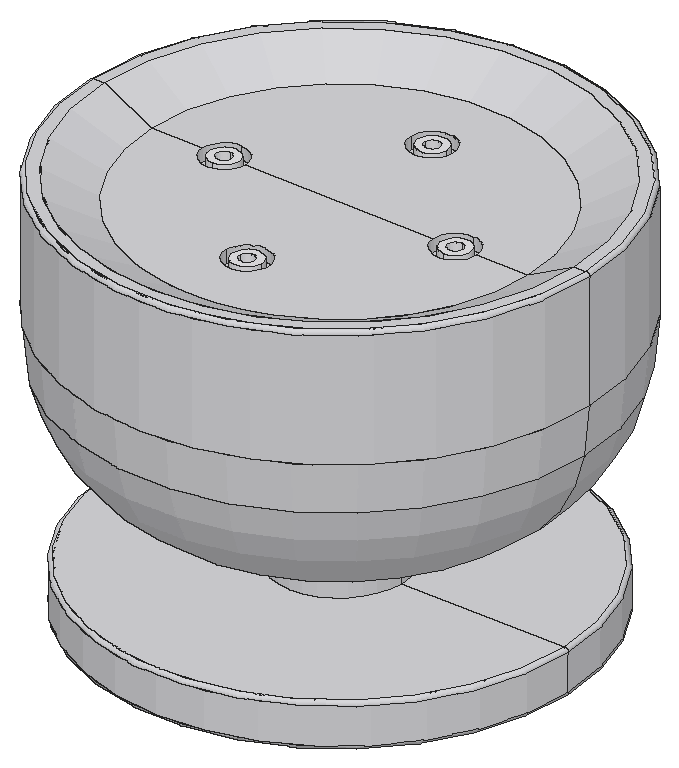
Revit family "Shower-Body_Spray-KOHLER-K-26299IN-1", category Plumbing Fixtures, host Face, Revit 2017
Family settings
  Host = Face
  Round Connector Dimension = Use Diameter
  Part Type = Normal
  OmniClass Number = 23.31.17.00
  Cut with Voids When Loaded = No
  Shared = No
  Room Calculation Point = No
Parameters (values of type "CP- Polished Chrome")
  Width = 2 97/128"  # constant formula
  WaterSense Certified = 1 = 0  # no
  Waste Water Outlet = "Waste Water Outlet"  # constant formula
  Waste Connection = 1 = 0  # no
  Vent Connection = 1 = 0  # no
  URL = "https://www.kohler.co.in/"
  Type = 1
  Tempered Water Inlet = "Tempered Water Inlet"  # constant formula
  Product Page URL = ""
  Product Name = ""
  Product Documentation Link = ""
  Pressure = 80.00 psi  # constant formula
  Model = if(Type = 1, "K-26299IN-CP", if(Type = 2, "K-26299IN-BN", if(Type = 3, "K-26299IN-BL", if(Type = 4, "K-26299IN-AF", if(Type = 5, "K-26299IN-RGD", if(Type = 6, "K-26299IN-BV", "NA"))))))  # "K-26299IN-CP"
  Material = "Plastic"  # constant formula
  Master Format 2014 Name = "Residential Showers"  # constant formula
  Master Format 2014 = "22 42 23"  # constant formula
  Manufacturer Address = "Ambience Office Tower NH-8 Gurgaon / Gurugram Haryana , 122001"  # constant formula
  Manufacturer = "KOHLER Co."  # constant formula
  Length = 2 17/128"  # constant formula
  Hot Water Inlet = "Hot Water Inlet"  # constant formula
  Height = 2 97/128"  # constant formula
  HW Connection = 1 = 1  # yes
  Flow Rate = 2.5 GPM  # constant formula
  Finish = KOHLER-Plastic-CP-Polished_Chrome
  Environmental Product Declaration = ""
  Drain Included = 1 = 0  # no
  Description = "Round Rotator Body Spray"  # constant formula
  Default Elevation = 42"
  Declare Label = ""
  Date Modified = "02/03/2021"  # constant formula
  Date Created = "02/03/2021"  # constant formula
  Copyright = "Copyright KOHLER Co."  # constant formula
  Contact Us = "https://www.kohler.co.in/contact-us"
  Cold Water Inlet = "Cold Water Inlet"  # constant formula
  CW Connection = 1 = 0  # no
  Assembly Code = "D2010700"
  ADA Compliant = 1 = 0  # no
Types (7): name | Type | Model | Finish
  (no name) | 1 | "K-26299IN-CP" | KOHLER-Plastic-CP-Polished_Chrome
  CP- Polished Chrome | 1 | "K-26299IN-CP" | KOHLER-Plastic-CP-Polished_Chrome
  BN- Vibrant Brushed Nickel | 2 | "K-26299IN-BN" | KOHLER-Plastic-BN-Vibrant_Brushed_Nickel
  BL- Matte Black | 3 | "K-26299IN-BL" | KOHLER-Plastic-BL-Matte_Black
  AF- Vibrant French Gold | 4 | "K-26299IN-AF" | KOHLER-Plastic-AF-Vibrant_French_Gold
  RGD- Rose Gold | 5 | "K-26299IN-RGD" | Kohler-Plastic-RGD-Rose_Gold
  BV- Vibrant Brushed Bronze | 6 | "K-26299IN-BV" | Kohler-Plastic-BV-Vibrant-Brushed-Bronze
Reference planes (in)
  plane 1 "Center (Front/Back)": y = 0
  plane 2: z = 0
  plane 3 "Center (Left/Right)": x = 0
  plane 4: x = 1.37795
  plane 5: y = 1.37795
  plane 6: y = -1.37986
  plane 7: x = -1.37986
  plane 8: z = -0.00105
  plane 9: z = 0.23622
  plane 10: x = 0.70866
  plane 11: x = -0.70866
  plane 12: x = -1.25984
  plane 13: x = 1.25984
  plane 14: z = 2.13281
Dimensions and locks (in)
  "Width": plane 7 to plane 4
  "Height": plane 6 to plane 5
  "Length": plane 14 to level
  plane 5 to plane 6 = 2 97/128"
  plane 9 to plane 14 = 1.89659"
  plane 4 to plane 7 = 2 97/128"
  aligned and locked: plane 2 to host face
  aligned and locked: level to host face
  aligned and locked: plane 3 "Center (Left/Right)" to nested 1
  aligned and locked: plane 1 "Center (Front/Back)" to nested 1
  aligned and locked: level to nested 1
Automatic sketch dimensions
  host sketch curve to host sketch curve = 96"  (x2)
Nested families (in)
  nested 1: "K-26299IN" at (0, 0, -2.21654), type "K-26299IN"
Connectors (in)
  piping at (0, 0, 0), diameter 0.5, driven by "Flow Rate", driven by "Pressure", driven by "HW Connection", driven by "Tempered Water Inlet"
    settings: on nested 1, index 1, connector inside diameter 24", connector length 0", flow factor 0, pipe flow 2.5 GPM, pressure drop 80.00 psi, fitting loss kfactor 0, connector angle 0.00°, fixture units 0, engagement length 0", angle of deflection 0.00°, flow configuration 1, flow direction 1, fitting loss method 4, system type 19, joint type 0, gender type 0, connector reference index -1, connector utility 1, adjustable connector no, is connector primary yes, connector description "Tempered Water Inlet"
Definition of nested family "K-26299IN"
  Parameters (values of type "K-26299IN")
    Material = none
  Reference planes (in)
    plane 1 "Center (Front/Back)": y = 0
    plane 2: z = 0
    plane 3 "Center (Left/Right)": x = 0
    plane 4: x = 1.37795
    plane 5: y = 1.37795
    plane 6: x = -1.37795
    plane 7: y = -1.37795
    plane 8: z = 4.35039
    plane 9: z = 2.45276
    plane 10: z = 2.21654
    plane 11: x = 1.25984
    plane 12: x = -1.25984
    plane 13: x = 0.70866
    plane 14: x = -0.70866
  Forms (in)
    Revolve 1, solid, material <- "Material", detail levels medium+fine
      sketch origin (0, 0, 0) x (1, 0, 0) y (0, 0, 1)
        loop
          line (0, 4.35039) -> (-1.35675, 4.35039)
          arc (-1.35675, 4.35039) -> (-1.37174, 4.34418) -> (-1.37795, 4.32919) r 0.0212
          line (-1.37795, 4.32919) -> (-1.37795, 3.69162)
          arc (-1.37795, 3.69162) -> (-1.37117, 3.56508) -> (-1.35297, 3.43967) r 1.39943
          arc (-1.35297, 3.43967) -> (-1.16704, 3.05311) -> (-0.81416, 2.80926) r 0.83772
          arc (-0.81416, 2.80926) -> (-0.67856, 2.77329) -> (-0.5388, 2.76117) r 0.81244
          arc (-0.5388, 2.76117) -> (-0.40049, 2.70388) -> (-0.34319, 2.56557) r 0.1956
          line (-0.34319, 2.56557) -> (-0.34319, 2.45276) -> (0, 2.45276) -> (0, 4.35039)
        axis (0, 2.45276) -> (0, 4.35039)
      angle from 0 to 360
    Revolve 2, void
      sketch origin (0, 0, 0) x (1, 0, 0) y (0, 0, 1)
        loop
          line (0, 4.21941) -> (0, 4.39983) -> (-1.39173, 4.39983) -> (-1.03764, 4.21941) -> (0, 4.21941)
        axis (0, 4.39983) -> (0, 4.21941)
      angle from 0 to 360
    Extrusion 3, void
      sketch origin (0, 0, 0) x (1, 0, 0) y (0, 1, 0)
        loop
          circle (0, -0.6381) r 0.11811
      from 4.15185 to 4.49858
    Extrusion 4, void
      sketch origin (0, 0, 0) x (1, 0, 0) y (0, 1, 0)
        loop
          circle (0, 0.6381) r 0.11811
      from 4.15185 to 4.49858
    Extrusion 5, void
      sketch origin (0, 0, 0) x (0, 1, 0) y (-1, 0, 0)
        loop
          circle (0, 0.6381) r 0.11811
      from 4.15185 to 4.49858
    Extrusion 6, void
      sketch origin (0, 0, 0) x (0, 1, 0) y (-1, 0, 0)
        loop
          circle (0, -0.6381) r 0.11811
      from 4.15185 to 4.49858
    Revolve 7, solid, material <- "Material", detail levels medium+fine
      sketch origin (0, 0, 0) x (1, 0, 0) y (0, 0, 1)
        loop
          line (0, 2.21654) -> (0, 2.45276) -> (-1.23861, 2.45276)
          arc (-1.23861, 2.45276) -> (-1.25362, 2.44654) -> (-1.25984, 2.43152) r 0.02123
          line (-1.25984, 2.43152) -> (-1.25984, 2.23622)
          arc (-1.25984, 2.23622) -> (-1.25408, 2.2223) -> (-1.24016, 2.21654) r 0.01969
          line (-1.24016, 2.21654) -> (0, 2.21654)
        axis (0, 2.21654) -> (0, 2.45276)
      angle from 0 to 360
    Revolve 8, solid, material <- "Material", detail levels coarse
      sketch origin (0, 0, 0) x (1, 0, 0) y (0, 0, 1)
        loop
          line (-1.30906, 2.21654) -> (0, 2.21654) -> (0, 2.45276) -> (-1.30906, 2.45276) -> (-1.30906, 2.21654)
        axis (0, 2.21654) -> (0, 2.45276)
      angle from 0 to 360
    Extrusion 9, solid, material <- "Material", detail levels medium+fine
      sketch origin (0, 0, 0) x (1, 0, 0) y (0, 1, 0)
        loop
          circle (0, 0) r 0.25
      from 2.21654 to 2.30336
    Extrusion 10, solid, detail levels medium+fine
      sketch origin (0, 0, 0) x (1, 0, 0) y (0, 1, 0)
        loop
          circle (0, 0.6381) r 0.07874
        loop
          circle (0, 0.6381) r 0.04061
      from 4.15185 to 4.21941
    Extrusion 11, solid, detail levels medium+fine
      sketch origin (0, 0, 0) x (0, -1, 0) y (1, 0, 0)
        loop
          circle (0, 0.6381) r 0.07874
        loop
          circle (0, 0.6381) r 0.04061
      from 4.15185 to 4.21941
    Extrusion 12, solid, detail levels medium+fine
      sketch origin (0, 0, 0) x (0, -1, 0) y (1, 0, 0)
        loop
          circle (0, -0.6381) r 0.07874
        loop
          circle (0, -0.6381) r 0.04061
      from 4.15185 to 4.21941
    Extrusion 13, solid, detail levels medium+fine
      sketch origin (0, 0, 0) x (1, 0, 0) y (0, 1, 0)
        loop
          circle (0, -0.6381) r 0.07874
        loop
          circle (0, -0.6381) r 0.04061
      from 4.15185 to 4.21941
    Revolve 14, solid, material <- "Material", detail levels coarse
      sketch origin (0, 0, 0) x (1, 0, 0) y (0, 0, 1)
        loop
          line (-0.59055, 2.45276) -> (0, 2.45276) -> (0, 4.35752) -> (-1.47842, 4.35752) -> (-1.47842, 3.57012)
          arc (-1.47842, 3.57012) -> (-1.22261, 2.915) -> (-0.59055, 2.60659) r 0.96676
          line (-0.59055, 2.60659) -> (-0.59055, 2.45276)
        axis (0, 2.45276) -> (0, 4.35752)
      angle from 0 to 360
  Cuts and joins
    Revolve 2, Extrusion 3, Extrusion 4, Extrusion 5, Extrusion 6 cuts Revolve 1
    joined: Revolve 1, Revolve 7
    joined: Revolve 8, Revolve 14
    joined: Extrusion 10, Extrusion 11, Extrusion 12, Extrusion 13
  Lines and regions (in)
    Masking region 1
      outline origin (0, 0, 0) x (1, 0, 0) y (0, 1, 0)
        loop
          circle (0, 0) r 1.37795
    Masking region 2
      outline origin (0, 0, 0) x (1, 0, 0) y (0, 0, 1)
        loop
          arc (-1.23906, 2.45276) -> (-1.25376, 2.44667) -> (-1.25984, 2.43197) r 0.02078
          line (-1.25984, 2.43197) -> (-1.25984, 2.23719)
          arc (-1.25984, 2.23719) -> (-1.25379, 2.22258) -> (-1.23919, 2.21654) r 0.02065
          line (-1.23919, 2.21654) -> (1.23919, 2.21654)
          arc (1.23919, 2.21654) -> (1.25379, 2.22258) -> (1.25984, 2.23719) r 0.02065
          line (1.25984, 2.23719) -> (1.25984, 2.43197)
          arc (1.25984, 2.43197) -> (1.25376, 2.44667) -> (1.23906, 2.45276) r 0.02078
          line (1.23906, 2.45276) -> (0.34319, 2.45276) -> (0.34319, 2.55736)
          arc (0.34319, 2.55736) -> (0.40333, 2.70255) -> (0.54852, 2.76269) r 0.20533
          arc (0.54852, 2.76269) -> (1.04999, 2.93537) -> (1.33883, 3.38018) r 0.81449
          arc (1.33883, 3.38018) -> (1.37019, 3.55507) -> (1.37795, 3.73258) r 1.32972
          line (1.37795, 3.73258) -> (1.37795, 4.33071)
          arc (1.37795, 4.33071) -> (1.37219, 4.34463) -> (1.35827, 4.35039) r 0.01969
          line (1.35827, 4.35039) -> (-1.35827, 4.35039)
          arc (-1.35827, 4.35039) -> (-1.37219, 4.34463) -> (-1.37795, 4.33071) r 0.01969
          line (-1.37795, 4.33071) -> (-1.37795, 3.73258)
          arc (-1.37795, 3.73258) -> (-1.37019, 3.55507) -> (-1.33883, 3.38018) r 1.32972
          arc (-1.33883, 3.38018) -> (-1.04999, 2.93537) -> (-0.54852, 2.76269) r 0.81449
          arc (-0.54852, 2.76269) -> (-0.40333, 2.70255) -> (-0.34319, 2.55736) r 0.20533
          line (-0.34319, 2.55736) -> (-0.34319, 2.45276) -> (-1.23906, 2.45276)
    Masking region 3
      outline origin (0, 0, 0) x (0, 1, 0) y (0, 0, 1)
        loop
          arc (1.24051, 2.21654) -> (1.25461, 2.22237) -> (1.26045, 2.23647) r 0.01994
          line (1.26045, 2.23647) -> (1.26045, 2.43116)
          arc (1.26045, 2.43116) -> (1.25413, 2.44643) -> (1.23886, 2.45276) r 0.02159
          line (1.23886, 2.45276) -> (0.34319, 2.45276) -> (0.34319, 2.5615)
          arc (0.34319, 2.5615) -> (0.40246, 2.70458) -> (0.54555, 2.76385) r 0.20235
          arc (0.54555, 2.76385) -> (1.08967, 2.97054) -> (1.35935, 3.48634) r 0.81957
          arc (1.35935, 3.48634) -> (1.37152, 3.61274) -> (1.37795, 3.73955) r 2.79868
          line (1.37795, 3.73955) -> (1.37795, 4.33071)
          arc (1.37795, 4.33071) -> (1.37219, 4.34463) -> (1.35827, 4.35039) r 0.01969
          line (1.35827, 4.35039) -> (-1.35827, 4.35039)
          arc (-1.35827, 4.35039) -> (-1.37219, 4.34463) -> (-1.37795, 4.33071) r 0.01969
          line (-1.37795, 4.33071) -> (-1.37795, 3.73955)
          arc (-1.37795, 3.73955) -> (-1.37152, 3.61274) -> (-1.35935, 3.48634) r 2.79868
          arc (-1.35935, 3.48634) -> (-1.08967, 2.97054) -> (-0.54555, 2.76385) r 0.81957
          arc (-0.54555, 2.76385) -> (-0.40246, 2.70458) -> (-0.34319, 2.5615) r 0.20235
          line (-0.34319, 2.5615) -> (-0.34319, 2.45276) -> (-1.23886, 2.45276)
          arc (-1.23886, 2.45276) -> (-1.25413, 2.44643) -> (-1.26045, 2.43116) r 0.02159
          line (-1.26045, 2.43116) -> (-1.26045, 2.23647)
          arc (-1.26045, 2.23647) -> (-1.25461, 2.22237) -> (-1.24051, 2.21654) r 0.01994
          line (-1.24051, 2.21654) -> (1.24051, 2.21654)
    symbolic lines, detail levels medium+fine
      curve 1: circle (0, 0, 0) r 1.06399 normal (0, 0, -1)
      curve 2: circle (0, 0, 0) r 1.29472 normal (0, 0, -1)
      curve 3: circle (0, 0.6381, 0) r 0.11811 normal (0, 0, 1)
      curve 4: circle (0.6381, 0, 0) r 0.11811 normal (0, 0, 1)
      curve 5: circle (0, -0.6381, 0) r 0.11811 normal (0, 0, -1)
      curve 6: circle (-0.6381, 0, 0) r 0.11811 normal (0, 0, -1)
      curve 7: line (-0.34319, 0, 2.45276) -> (0.34319, 0, 2.45276)
      curve 8: line (-0.34319, 0, 2.55736) -> (0.34319, 0, 2.55736)
      curve 9: line (-0.54852, 0, 2.76269) -> (0.54852, 0, 2.76269)
      curve 10: line (-1.37795, 0, 3.73258) -> (1.37795, 0, 3.73258)
      curve 11: line (-1.37795, 0, 4.33071) -> (1.37795, 0, 4.33071)
      curve 12: line (0, 1.37795, 3.69162) -> (0, -1.37795, 3.69162)
      curve 13: line (0, 0.54555, 2.76385) -> (0, -0.54555, 2.76385)
      curve 14: line (0, 0.34319, 2.5615) -> (0, -0.34319, 2.5615)
      curve 15: line (0, 0.34319, 2.45276) -> (0, -0.34319, 2.45276)
      curve 16: circle (-0.6381, 0, 0) r 0.07874 normal (0, 0, 1)
      curve 17: circle (-0.6381, 0, 0) r 0.04061 normal (0, 0, -1)
      curve 18: circle (0.6381, 0, 0) r 0.07874 normal (0, 0, -1)
      curve 19: circle (0.6381, 0, 0) r 0.04061 normal (0, 0, 1)
      curve 20: circle (0, -0.6381, 0) r 0.07874 normal (0, 0, -1)
      curve 21: circle (0, -0.6381, 0) r 0.04061 normal (0, 0, 1)
      curve 22: circle (0, 0.6381, 0) r 0.07874 normal (0, 0, 1)
      curve 23: circle (0, 0.6381, 0) r 0.04061 normal (0, 0, -1)
      curve 24: line (0, 1.37795, 4.33071) -> (0, -1.37795, 4.33071)
  Dimensions and locks (in)
    aligned and locked: level to plane 2
